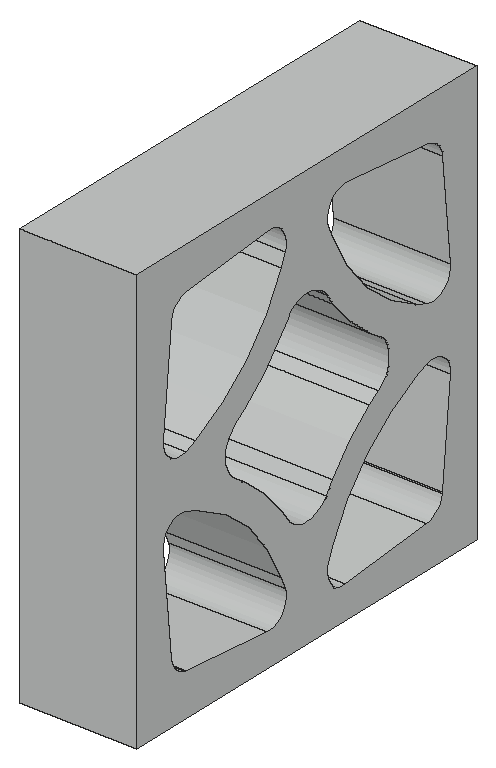
Revit family "APPINA", category Curtain Panels, Revit 2019
Family settings
  OmniClass Number = 23.25.20.14.11.11.17
  OmniClass Title = Infill Panels
  Always vertical = Yes
  Cut with Voids When Loaded = No
  Shared = No
Parameters
  Material en Concreto = Concreto ladrillo
Reference planes (m)
  plane 1 "Centro (Frontal/Posterior)": y = 0
  plane 2: z = 0
  plane 3 "Centro (Izquierda/Derecha)": x = 0
  plane 4 "Izquierda": x = -1.5
  plane 5 "Derecha": x = 1.5
  plane 6 "Parte superior": z = 1.12
Forms (m)
  Extrusion 1, solid, material "Concreto ladrillo" <- "Material en Concreto"
    sketch origin (0, -0.370168, 0.374218) x (0, 0, -1) y (0, 1, 0)
      loop
        line (0.084375, 0.370168) -> (0.084375, 0.080325) -> (0.374218, 0.080325) -> (0.374218, 0.370168) -> (0.084375, 0.370168)
    from 0.08 to 0
  Blend 2, void
    base sketch origin (0, -0.163468, 0.335918) x (0, 1, 0) y (0, 0, 1)
      loop
        arc (0.000506, -0.088108) -> (-0.001795, -0.07385) -> (-0.015066, -0.068151) r 0.014992
        line (-0.015066, -0.068151) -> (-0.084114, -0.074865)
        arc (-0.084114, -0.074865) -> (-0.092927, -0.078859) -> (-0.097465, -0.087405) r 0.014992
        line (-0.097465, -0.087405) -> (-0.097585, -0.088335) -> (-0.104299, -0.157384)
        arc (-0.104299, -0.157384) -> (-0.0986, -0.170655) -> (-0.084342, -0.172956) r 0.014992
        line (-0.084342, -0.172956) -> (-0.076098, -0.169719)
        arc (-0.076098, -0.169719) -> (-0.032396, -0.140054) -> (-0.002731, -0.096351) r 0.140531
        line (-0.002731, -0.096351) -> (0.000506, -0.088108)
    top sketch origin (0, -0.163468, 0.335918) x (0, 1, 0) y (0, 0, 1)
      loop
        arc (0.000506, -0.088108) -> (-0.001795, -0.07385) -> (-0.015066, -0.068151) r 0.014992
        line (-0.015066, -0.068151) -> (-0.084114, -0.074865)
        arc (-0.084114, -0.074865) -> (-0.092927, -0.078859) -> (-0.097465, -0.087405) r 0.014992
        line (-0.097465, -0.087405) -> (-0.097585, -0.088335) -> (-0.104299, -0.157384)
        arc (-0.104299, -0.157384) -> (-0.0986, -0.170655) -> (-0.084342, -0.172956) r 0.014992
        line (-0.084342, -0.172956) -> (-0.076098, -0.169719)
        arc (-0.076098, -0.169719) -> (-0.032396, -0.140054) -> (-0.002731, -0.096351) r 0.140531
        line (-0.002731, -0.096351) -> (0.000506, -0.088108)
    from 0 to 0.08
  Blend 3, void
    base sketch origin (0, -0.335818, 0.126336) x (0, 0, 1) y (0, -1, 0)
      loop
        arc (0.000506, -0.088108) -> (-0.001795, -0.07385) -> (-0.015066, -0.068151) r 0.014992
        line (-0.015066, -0.068151) -> (-0.084114, -0.074865)
        arc (-0.084114, -0.074865) -> (-0.092927, -0.078859) -> (-0.097465, -0.087405) r 0.014992
        line (-0.097465, -0.087405) -> (-0.097585, -0.088335) -> (-0.104299, -0.157384)
        arc (-0.104299, -0.157384) -> (-0.0986, -0.170655) -> (-0.084342, -0.172956) r 0.014992
        line (-0.084342, -0.172956) -> (-0.076098, -0.169719)
        arc (-0.076098, -0.169719) -> (-0.032396, -0.140054) -> (-0.002731, -0.096351) r 0.140531
        line (-0.002731, -0.096351) -> (0.000506, -0.088108)
    top sketch origin (0, -0.335818, 0.126336) x (0, 0, 1) y (0, -1, 0)
      loop
        arc (0.000506, -0.088108) -> (-0.001795, -0.07385) -> (-0.015066, -0.068151) r 0.014992
        line (-0.015066, -0.068151) -> (-0.084114, -0.074865)
        arc (-0.084114, -0.074865) -> (-0.092927, -0.078859) -> (-0.097465, -0.087405) r 0.014992
        line (-0.097465, -0.087405) -> (-0.097585, -0.088335) -> (-0.104299, -0.157384)
        arc (-0.104299, -0.157384) -> (-0.0986, -0.170655) -> (-0.084342, -0.172956) r 0.014992
        line (-0.084342, -0.172956) -> (-0.076098, -0.169719)
        arc (-0.076098, -0.169719) -> (-0.032396, -0.140054) -> (-0.002731, -0.096351) r 0.140531
        line (-0.002731, -0.096351) -> (0.000506, -0.088108)
    from 0 to 0.08
  Blend 4, void
    base sketch origin (0, -0.126392, -0.046093) x (0, -1, 0.000412) y (0, -0.000412, -1)
      loop
        arc (0.000506, -0.088108) -> (-0.001795, -0.07385) -> (-0.015066, -0.068151) r 0.014992
        line (-0.015066, -0.068151) -> (-0.084114, -0.074865)
        arc (-0.084114, -0.074865) -> (-0.092927, -0.078859) -> (-0.097465, -0.087405) r 0.014992
        line (-0.097465, -0.087405) -> (-0.097585, -0.088335) -> (-0.104299, -0.157384)
        arc (-0.104299, -0.157384) -> (-0.0986, -0.170655) -> (-0.084342, -0.172956) r 0.014992
        line (-0.084342, -0.172956) -> (-0.076098, -0.169719)
        arc (-0.076098, -0.169719) -> (-0.032396, -0.140054) -> (-0.002731, -0.096351) r 0.140531
        line (-0.002731, -0.096351) -> (0.000506, -0.088108)
    top sketch origin (0, -0.126392, -0.046093) x (0, -1, 0.000412) y (0, -0.000412, -1)
      loop
        arc (0.000506, -0.088108) -> (-0.001795, -0.07385) -> (-0.015066, -0.068151) r 0.014992
        line (-0.015066, -0.068151) -> (-0.084114, -0.074865)
        arc (-0.084114, -0.074865) -> (-0.092927, -0.078859) -> (-0.097465, -0.087405) r 0.014992
        line (-0.097465, -0.087405) -> (-0.097585, -0.088335) -> (-0.104299, -0.157384)
        arc (-0.104299, -0.157384) -> (-0.0986, -0.170655) -> (-0.084342, -0.172956) r 0.014992
        line (-0.084342, -0.172956) -> (-0.076098, -0.169719)
        arc (-0.076098, -0.169719) -> (-0.032396, -0.140054) -> (-0.002731, -0.096351) r 0.140531
        line (-0.002731, -0.096351) -> (0.000506, -0.088108)
    from 0 to 0.08
  Blend 5, void
    base sketch origin (0, -0.04328, 0.083287) x (0, -0.000412, -1) y (0, 1, -0.000412)
      loop
        arc (-0.122974, -0.085042) -> (-0.131884, -0.101695) -> (-0.12296, -0.118341) r 0.020002
        line (-0.12296, -0.118341) -> (-0.115529, -0.123584)
        arc (-0.115529, -0.123584) -> (-0.09837, -0.138474) -> (-0.083466, -0.155621) r 0.161813
        line (-0.083466, -0.155621) -> (-0.078216, -0.163047)
        arc (-0.078216, -0.163047) -> (-0.061563, -0.171958) -> (-0.044918, -0.163034) r 0.020002
        line (-0.044918, -0.163034) -> (-0.039675, -0.155603)
        arc (-0.039675, -0.155603) -> (-0.024697, -0.138532) -> (-0.007638, -0.123539) r 0.175354
        line (-0.007638, -0.123539) -> (-0.000211, -0.11829)
        arc (-0.000211, -0.11829) -> (0.008699, -0.101637) -> (-0.000225, -0.084992) r 0.020002
        line (-0.000225, -0.084992) -> (-0.007656, -0.079749)
        arc (-0.007656, -0.079749) -> (-0.024768, -0.064812) -> (-0.039719, -0.047712) r 0.168686
        line (-0.039719, -0.047712) -> (-0.044968, -0.040285)
        arc (-0.044968, -0.040285) -> (-0.061621, -0.031375) -> (-0.078267, -0.040299) r 0.020002
        line (-0.078267, -0.040299) -> (-0.08351, -0.04773)
        arc (-0.08351, -0.04773) -> (-0.098433, -0.064856) -> (-0.115547, -0.079793) r 0.166624
        line (-0.115547, -0.079793) -> (-0.122974, -0.085042)
    top sketch origin (0, -0.04328, 0.083287) x (0, -0.000412, -1) y (0, 1, -0.000412)
      loop
        arc (-0.122974, -0.085042) -> (-0.131884, -0.101695) -> (-0.12296, -0.118341) r 0.020002
        line (-0.12296, -0.118341) -> (-0.115529, -0.123584)
        arc (-0.115529, -0.123584) -> (-0.09837, -0.138474) -> (-0.083466, -0.155621) r 0.161813
        line (-0.083466, -0.155621) -> (-0.078216, -0.163047)
        arc (-0.078216, -0.163047) -> (-0.061563, -0.171958) -> (-0.044918, -0.163034) r 0.020002
        line (-0.044918, -0.163034) -> (-0.039675, -0.155603)
        arc (-0.039675, -0.155603) -> (-0.024697, -0.138532) -> (-0.007638, -0.123539) r 0.175354
        line (-0.007638, -0.123539) -> (-0.000211, -0.11829)
        arc (-0.000211, -0.11829) -> (0.008699, -0.101637) -> (-0.000225, -0.084992) r 0.020002
        line (-0.000225, -0.084992) -> (-0.007656, -0.079749)
        arc (-0.007656, -0.079749) -> (-0.024768, -0.064812) -> (-0.039719, -0.047712) r 0.168686
        line (-0.039719, -0.047712) -> (-0.044968, -0.040285)
        arc (-0.044968, -0.040285) -> (-0.061621, -0.031375) -> (-0.078267, -0.040299) r 0.020002
        line (-0.078267, -0.040299) -> (-0.08351, -0.04773)
        arc (-0.08351, -0.04773) -> (-0.098433, -0.064856) -> (-0.115547, -0.079793) r 0.166624
        line (-0.115547, -0.079793) -> (-0.122974, -0.085042)
    from 0 to 0.08
  Blend 6, void
    base sketch origin (0, 0.046034, 0.163413) x (0, -0.000412, -1) y (0, 1, -0.000412)
      loop
        arc (0.000506, -0.088108) -> (-0.001795, -0.07385) -> (-0.015066, -0.068151) r 0.014992
        line (-0.015066, -0.068151) -> (-0.084114, -0.074865)
        arc (-0.084114, -0.074865) -> (-0.092927, -0.078859) -> (-0.097465, -0.087405) r 0.014992
        line (-0.097465, -0.087405) -> (-0.097585, -0.088335) -> (-0.104299, -0.157384)
        arc (-0.104299, -0.157384) -> (-0.0986, -0.170655) -> (-0.084342, -0.172956) r 0.014992
        line (-0.084342, -0.172956) -> (-0.076098, -0.169719)
        arc (-0.076098, -0.169719) -> (-0.032396, -0.140054) -> (-0.002731, -0.096351) r 0.140531
        line (-0.002731, -0.096351) -> (0.000506, -0.088108)
    top sketch origin (0, 0.046034, 0.163413) x (0, -0.000412, -1) y (0, 1, -0.000412)
      loop
        arc (0.000506, -0.088108) -> (-0.001795, -0.07385) -> (-0.015066, -0.068151) r 0.014992
        line (-0.015066, -0.068151) -> (-0.084114, -0.074865)
        arc (-0.084114, -0.074865) -> (-0.092927, -0.078859) -> (-0.097465, -0.087405) r 0.014992
        line (-0.097465, -0.087405) -> (-0.097585, -0.088335) -> (-0.104299, -0.157384)
        arc (-0.104299, -0.157384) -> (-0.0986, -0.170655) -> (-0.084342, -0.172956) r 0.014992
        line (-0.084342, -0.172956) -> (-0.076098, -0.169719)
        arc (-0.076098, -0.169719) -> (-0.032396, -0.140054) -> (-0.002731, -0.096351) r 0.140531
        line (-0.002731, -0.096351) -> (0.000506, -0.088108)
    from 0 to 0.08
Cuts and joins
  Blend 2, Blend 3, Blend 4, Blend 5, Blend 6 cuts Extrusion 1
Text (m)
  text "Exterior" at (-2.45384, 1.416179, 0), in view "Nivel de referencia"
  text "Exterior" at (0, 0.997594, 1.31268), in view "Izquierda"
  text "Exterior" at (0, 1.328187, 4.120349), in view "Derecha"
Dimensions and locks (m)
  equal spacing: plane 4 "Izquierda", plane 3 "Centro (Izquierda/Derecha)", plane 5 "Derecha"
  aligned and locked: level to plane 2
Automatic sketch dimensions
  level to Extrusion 1 sketch curve = 0.289843 m
  Extrusion 1 sketch curve to level = 0.000 m
  plane 1 "Centro (Frontal/Posterior)" to Extrusion 1 sketch curve = 0.289843 m
  Extrusion 1 sketch curve to plane 1 "Centro (Frontal/Posterior)" = 0.000 m
  plane 1 "Centro (Frontal/Posterior)" to Blend 2 sketch curve = 0.295234 m  (x2)
  level to Blend 2 sketch curve = 0.178533 m  (x2)
  Blend 2 sketch curve to Blend 2 sketch curve = 0.027467 m  (x2)
  Blend 2 sketch curve to Blend 2 sketch curve = 0.034181 m  (x2)
  Blend 2 sketch curve to Blend 2 sketch curve = 0.00012 m  (x2)
  Blend 2 sketch curve to Blend 2 sketch curve = 0.014921 m  (x2)
  level to Blend 2 sketch curve = 0.162962 m  (x2)
  Blend 2 sketch curve to Blend 2 sketch curve = 0.005036 m  (x4)
  Blend 2 sketch curve to Blend 2 sketch curve = 0.013351 m  (x2)
  Blend 2 sketch curve to Blend 2 sketch curve = 0.001451 m  (x6)
  level to Blend 2 sketch curve = 0.166199 m  (x2)
  Blend 2 sketch curve to Blend 2 sketch curve = 0.008243 m  (x4)
  plane 1 "Centro (Frontal/Posterior)" to Blend 2 sketch curve = 0.178533 m  (x2)
  Blend 2 sketch curve to Blend 2 sketch curve = 0.010884 m  (x2)
  Blend 2 sketch curve to Blend 2 sketch curve = 0.003237 m  (x2)
  level to Blend 2 sketch curve = 0.239566 m  (x2)
  Blend 2 sketch curve to Blend 2 sketch curve = 0.069049 m  (x2)
  Blend 2 sketch curve to Blend 2 sketch curve = 0.00093 m  (x2)
  Blend 3 sketch curve to level = 0.00543 m  (x2)
  plane 1 "Centro (Frontal/Posterior)" to Blend 3 sketch curve = 0.178434 m  (x2)
  Blend 3 sketch curve to Blend 3 sketch curve = 0.027467 m  (x2)
  Blend 3 sketch curve to Blend 3 sketch curve = 0.034181 m  (x2)
  Blend 3 sketch curve to Blend 3 sketch curve = 0.00012 m  (x2)
  Blend 3 sketch curve to Blend 3 sketch curve = 0.014921 m  (x2)
  plane 1 "Centro (Frontal/Posterior)" to Blend 3 sketch curve = 0.162862 m  (x2)
  Blend 3 sketch curve to Blend 3 sketch curve = 0.005036 m  (x4)
  Blend 3 sketch curve to Blend 3 sketch curve = 0.013351 m  (x2)
  Blend 3 sketch curve to Blend 3 sketch curve = 0.001451 m  (x6)
  plane 1 "Centro (Frontal/Posterior)" to Blend 3 sketch curve = 0.166099 m  (x2)
  Blend 3 sketch curve to Blend 3 sketch curve = 0.008243 m  (x4)
  level to Blend 3 sketch curve = 0.11127 m  (x2)
  Blend 3 sketch curve to Blend 3 sketch curve = 0.010884 m  (x2)
  Blend 3 sketch curve to Blend 3 sketch curve = 0.003237 m  (x2)
  plane 1 "Centro (Frontal/Posterior)" to Blend 3 sketch curve = 0.239467 m  (x2)
  Blend 3 sketch curve to Blend 3 sketch curve = 0.069049 m  (x2)
  Blend 3 sketch curve to Blend 3 sketch curve = 0.00093 m  (x2)
  Blend 4 sketch curve to plane 1 "Centro (Frontal/Posterior)" = 0.005391 m  (x2)
  Blend 4 sketch curve to level = 0.005463 m  (x2)
  Blend 4 sketch curve to Blend 4 sketch curve = 0.027467 m  (x4)
  Blend 4 sketch curve to Blend 4 sketch curve = 0.034181 m  (x4)
  Blend 4 sketch curve to Blend 4 sketch curve = 0.00012 m  (x2)
  Blend 4 sketch curve to Blend 4 sketch curve = 0.014921 m  (x4)
  Blend 4 sketch curve to Blend 4 sketch curve = 0.005036 m  (x2)
  Blend 4 sketch curve to Blend 4 sketch curve = 0.013351 m  (x2)
  Blend 4 sketch curve to Blend 4 sketch curve = 0.001451 m  (x6)
  Blend 4 sketch curve to Blend 4 sketch curve = 0.008243 m  (x4)
  Blend 4 sketch curve to Blend 4 sketch curve = 0.069049 m  (x2)
  Blend 4 sketch curve to Blend 4 sketch curve = 0.010884 m  (x2)
  Blend 4 sketch curve to Blend 4 sketch curve = 0.003237 m  (x2)
  Blend 4 sketch curve to Blend 4 sketch curve = 0.01254 m  (x2)
  Blend 4 sketch curve to Blend 4 sketch curve = 0.00093 m  (x2)
  Blend 4 sketch curve to Blend 4 sketch curve = 0.012335 m  (x2)
  plane 1 "Centro (Frontal/Posterior)" to Blend 5 sketch curve = 0.144921 m  (x4)
  level to Blend 5 sketch curve = 0.144921 m  (x4)
  level to Blend 5 sketch curve = 0.299568 m  (x2)
  Blend 5 sketch curve to plane 1 "Centro (Frontal/Posterior)" = 0.009725 m  (x2)
  Blend 5 sketch curve to Blend 5 sketch curve = 0.003561 m  (x2)
  Blend 5 sketch curve to Blend 5 sketch curve = 0.093329 m  (x2)
  Blend 5 sketch curve to Blend 5 sketch curve = 0.000014 m  (x2)
  Blend 5 sketch curve to Blend 5 sketch curve = 0.007427 m  (x4)
  Blend 5 sketch curve to Blend 5 sketch curve = 0.007431 m  (x8)
  Blend 5 sketch curve to Blend 5 sketch curve = 0.011091 m
  Blend 5 sketch curve to Blend 5 sketch curve = 0.032037 m  (x2)
  Blend 5 sketch curve to Blend 5 sketch curve = 0.032063 m  (x2)
  Blend 5 sketch curve to Blend 5 sketch curve = 0.005243 m  (x8)
  Blend 5 sketch curve to Blend 5 sketch curve = 0.005249 m  (x8)
  Blend 5 sketch curve to Blend 5 sketch curve = 0.016654 m  (x4)
  Blend 5 sketch curve to Blend 5 sketch curve = 0.016645 m  (x4)
  Blend 5 sketch curve to Blend 5 sketch curve = 0.028372 m  (x2)
  Blend 5 sketch curve to Blend 5 sketch curve = 0.003647 m  (x4)
  Blend 5 sketch curve to Blend 5 sketch curve = 0.003665 m  (x6)
  Blend 5 sketch curve to Blend 5 sketch curve = 0.094686 m  (x2)
  Blend 5 sketch curve to Blend 5 sketch curve = 0.099559 m
  Blend 5 sketch curve to Blend 5 sketch curve = 0.089893 m  (x2)
  Blend 5 sketch curve to Blend 5 sketch curve = 0.099441 m  (x2)
  Blend 5 sketch curve to Blend 5 sketch curve = 0.011078 m
  Blend 5 sketch curve to Blend 5 sketch curve = 0.144266 m
  Blend 6 sketch curve to plane 1 "Centro (Frontal/Posterior)" = 0.005404 m  (x2)
  level to Blend 6 sketch curve = 0.295195 m  (x2)
  Blend 6 sketch curve to Blend 6 sketch curve = 0.027467 m  (x4)
  Blend 6 sketch curve to Blend 6 sketch curve = 0.034181 m  (x4)
  Blend 6 sketch curve to Blend 6 sketch curve = 0.00012 m  (x2)
  Blend 6 sketch curve to Blend 6 sketch curve = 0.014921 m  (x4)
  Blend 6 sketch curve to Blend 6 sketch curve = 0.005036 m  (x2)
  Blend 6 sketch curve to Blend 6 sketch curve = 0.013351 m  (x2)
  Blend 6 sketch curve to Blend 6 sketch curve = 0.001451 m  (x5)
  Blend 6 sketch curve to Blend 6 sketch curve = 0.008243 m  (x4)
  Blend 6 sketch curve to Blend 6 sketch curve = 0.069049 m  (x2)
  Blend 6 sketch curve to Blend 6 sketch curve = 0.010884 m  (x2)
  Blend 6 sketch curve to Blend 6 sketch curve = 0.003237 m  (x2)
  Blend 6 sketch curve to Blend 6 sketch curve = 0.01254 m  (x2)
  Blend 6 sketch curve to Blend 6 sketch curve = 0.00093 m  (x2)
  Blend 6 sketch curve to Blend 6 sketch curve = 0.012335 m  (x2)
  Blend 6 sketch curve to Blend 6 sketch curve = 0.014802 m
